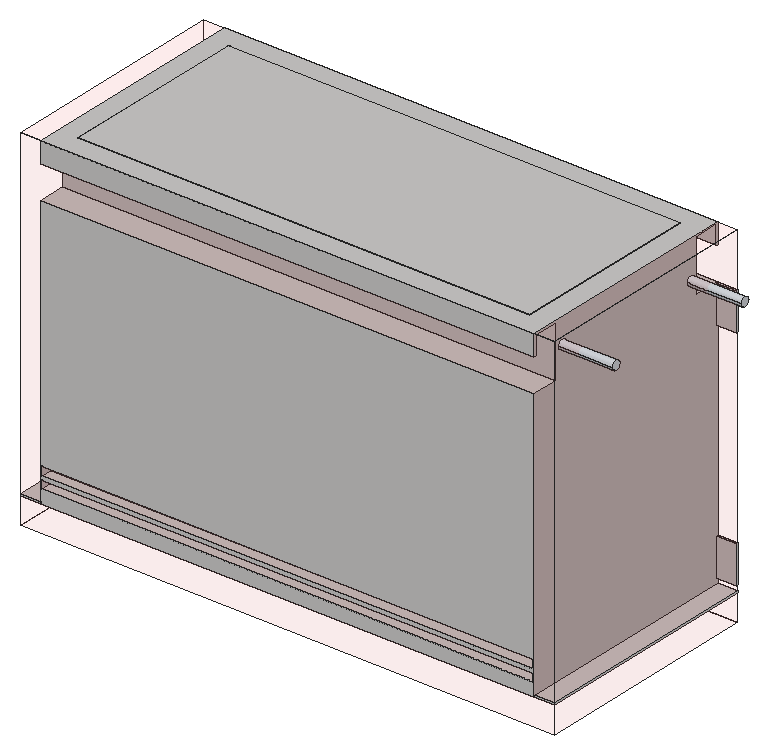
Revit family "Air-Curtain_Industrial_PoweredAire_HotWater", category Mechanical Equipment, host Face, Revit 2017
Family settings
  Host = Face
  Round Connector Dimension = Use Diameter
  Part Type = Normal
  OmniClass Number = 23.75.35.17.21
  OmniClass Title = Air Curtains
  Cut with Voids When Loaded = No
  Shared = No
  Room Calculation Point = No
Parameters
  upperrotation [instance] = if(Upper Pipe Connection Side A, 0.00°, 180.00°)  # 0.00°
  topbracket [instance] = and(Unit Height = 1' 4 3/4", Unit Depth = 1' 11 3/4")  # yes
  lowerrotation [instance] = if(Lower Pipe Connection Side A, 0.00°, 180.00°)  # 0.00°
  locateupperpipe [instance] = if(Upper Pipe Connection Side A, 0' 0", Nozzle Width)  # 0' - 0"
  locatelowerpipe [instance] = if(Lower Pipe Connection Side A, 0' 0", Nozzle Width)  # 0' - 0"
  Warranty Duration (Years) = 0
  Upper Pipe Connection Side A [instance] = yes
  Unit Width Notes = "Other Widths available."  # constant formula
  Unit Width = 3' - 3"
  Unit Weight = 0
  Unit Height = 1' - 4 3/4"
  Unit Depth = 1' - 11 3/4"
  URL = "http://www.poweredaire.com/"
  Test Data = ""
  Standards Conformance = "as Specified"
  Specification = "http://www.arcat.com/sdspecs/htm04/23_34_33pai.htm"
  SpecWizard = ""
  Sound Pressure = "as Specified"
  Sales Information = "http://www.poweredaire.com/contact_us"
  Revision = "R1_2016-08"
  Projection from Host [instance] = 0' - 2"
  Product Properties = ""
  Product Data = "http://www.arcat.com/arcatcos/cos47/arc47623.html"
  Power Rating = 0 W
  Piping_Water Flow [instance] = 0 GPM
  Piping_Operating Pressure [instance] = 0.00 psi
  Piping_Exit Temperature [instance] = 0 °F
  Piping_Entry Temperature [instance] = 0 °F
  Pipe OD [instance] = 5/8"
  Nozzle Width = if(1 = 1, Unit Width - 0' 3", 0' 0")  # 3' - 0"
  Mounting Width = if(1 = 1, Unit Width - 0' 1 1/2", 0' 0")  # 3' - 1 1/2"
  Mounting Height [instance] = 3' - 6"
  Motor RPM = 0
  Motor HP = 0
  Motor Count = 0
  Model = "As Specified"
  Max Height = 0' - 0"
  Manufacturer Website = "http://www.poweredaire.com/"
  Manufacturer Phone - Toll Free = "888-321-2473"
  Manufacturer Phone = "724-588-3305"
  Manufacturer Fax = "724-588-3371"
  Manufacturer Address = "109 Mortensen Rd.  Greenville, PA 16125"
  Manufacturer = "Powered Aire, Inc"
  Maintenance Schedule (Months) = 0
  Lower Pipe Connection Side A [instance] = yes
  Keynote = "23 34 33"
  Installation-Fabrication = ""
  Installation Phase = ""
  Include Clearance [instance] = yes
  Heating Element Load = 0 W
  HVAC_Temperature Rise = 0 °F
  HVAC_Outlet Volume = 0 CFM
  HVAC_Outlet Velocity Uniformity = 0
  HVAC_Outlet Velocity = 0 FPM
  HVAC_BTU Input = 0.0 Btu/h
  Green Building-LEED = "http://www.arcat.com/green/clients/leed_data_47623.html"
  Front Grating Material [instance] = Metal - Steel - PoweredAire - Stainless 304 Perforated
  Frame Finish [instance] = Metal - Steel - PoweredAire - Stainless 304
  Expected Lifespan (Years) = 0
  Electrical_Wattage [instance] = Power Rating + Heating Element Load  # 0 W
  Electrical_Voltage [instance] = 0 V
  Electrical_Phase [instance] = 1
  Electrical_Frequency [instance] = 0 Hz
  Electrical_Amperage [instance] = 0 A
  Drawn By = "Sumex Design, Inc. / Robert S. Weygant, CSI, CDT, SCIP"
  Description = "Powered Aire Air Curtain as Specified"
  Default Elevation = 0' - 0"  # constant formula
  Copyright = "©Arcat Inc."
  Construction Details = "http://www.arcat.com/details/powair/prod3336.html"
  Clearance_Top [instance] = 0' - 0"
  Clearance_Side B [instance] = 0' - 0"
  Clearance_Side A [instance] = 0' - 0"
  Clearance_Intake [instance] = 0' - 0"
  Clearance_Bottom [instance] = 0' - 0"
  Clearance Material [instance] = ARCAT Clearance
  Building Codes = ""
  Available Options [instance] = "as Specified"
  Assembly Code = "D3090400"
Reference planes (in)
  plane 1 "Center (Elevation)": y = 0.13818
  plane 2: z = 0
  plane 3 "Center (Left/Right)": x = 0
  plane 4: y = 8.51318
  plane 5: y = -8.23682
  plane 6: x = -19.5
  plane 7: x = 19.5
  plane 8: z = 25.75
  plane 9 "FF": y = -41.86182
  plane 10: z = 2
  plane 11: x = 18
  plane 12: x = -18
  plane 13: y = 8.51318
  plane 14: y = -8.23682
  plane 15: x = -19.5
  plane 16: x = 19.5
  plane 17: z = 25.75
  plane 18: x = 17.9375
  plane 19: x = -17.9375
  plane 20: x = 18
  plane 21: x = 18
  plane 22: y = 6.01318
  plane 23: y = -5.73682
Forms (in)
  Extrusion 1, solid, material "Metal - Steel - PoweredAire - Stainless 304" <- "Frame Finish"
    sketch origin (0, 0, 0) x (0, 1, 0) y (0, 0, 1)
      loop
        line (-8.23682, 2) -> (8.51318, 2) -> (8.51318, 21.8125) -> (6.51318, 21.8125) -> (6.51318, 25.625) -> (8.38818, 25.625) -> (8.38818, 24.25) -> (8.51318, 24.25) -> (8.51318, 25.75) -> (-8.23682, 25.75) -> (-8.23682, 24.25) -> (-8.11182, 24.25) -> (-8.11182, 25.625) -> (-6.23682, 25.625) -> (-6.23682, 21.8125) -> (-8.23682, 21.8125) -> (-8.23682, 2)
    from -18 to 18
  Extrusion 2, solid, material "ARCAT Clearance" <- "Clearance Material", visible <- "Include Clearance"
    sketch origin (0, 0, 0) x (0, 1, 0) y (0, 0, 1)
      loop
        line (-8.23682, 25.75) -> (-8.23682, 0) -> (8.51318, 0) -> (8.51318, 25.75) -> (-8.23682, 25.75)
    from -19.5 to 19.5
  Extrusion 3, solid, material "Metal - Steel - PoweredAire - Stainless 304" <- "Frame Finish"
    sketch origin (-15.17702, -180, 2) x (-1, 0, 0) y (0, -1, 0)
      loop
        line (-33.17702, -188.51318) -> (-33.17702, -171.76318) -> (-34.67702, -171.76318) -> (-34.67702, -188.51318) -> (-33.17702, -188.51318)
      loop
        line (2.82298, -188.51318) -> (4.32298, -188.51318) -> (4.32298, -171.76318) -> (2.82298, -171.76318) -> (2.82298, -188.51318)
    from 0 to 0.125
  Extrusion 4, solid, material "Metal - Steel - PoweredAire - Stainless 304" <- "Frame Finish", visible <- "topbracket"
    sketch origin (-11.83813, 8.51318, 48) x (-1, 0, 0) y (0, 0, 1)
      loop
        line (-29.83813, -45.5) -> (-29.83813, -42.75) -> (-31.33813, -42.75) -> (-31.33813, -45.5) -> (-29.83813, -45.5)
      loop
        line (-29.83813, -28.9375) -> (-29.83813, -26.1875) -> (-31.33813, -26.1875) -> (-31.33813, -28.9375) -> (-29.83813, -28.9375)
      loop
        line (6.16187, -45.5) -> (7.66187, -45.5) -> (7.66187, -42.75) -> (6.16187, -42.75) -> (6.16187, -45.5)
      loop
        line (6.16187, -28.9375) -> (7.66187, -28.9375) -> (7.66187, -26.1875) -> (6.16187, -26.1875) -> (6.16187, -28.9375)
    from 0 to -0.125
  Extrusion 5, void
    sketch origin (0, 0, 0) x (0, 1, 0) y (0, 0, 1)
      loop
        line (-8.23682, 3) -> (-7.23682, 3) -> (-7.23682, 4.5) -> (-8.23682, 4.5) -> (-8.23682, 3.82425) -> (-7.38364, 3.82425) -> (-7.38364, 3.57425) -> (-8.23682, 3.57425) -> (-8.23682, 3)
    from -17.9375 to 17.9375
  Extrusion 6, solid, material "Metal - Steel - PoweredAire - Stainless 304 Perforated" <- "Front Grating Material"
    sketch origin (0, -8.23682, 25.75) x (0, 1, 0) y (-1, 0, 0)
      loop
        line (15.25, 16.5) -> (1.5, 16.5) -> (1.5, -16.5) -> (15.25, -16.5) -> (15.25, 16.5)
    from 0 to 0.03125
  Sweep 7, solid
    path origin (18, 6.01318, 0) x (1, 0, 0) y (0, 1, 0)
      loop
        line (0, 0) -> (4, 0)
    profile origin (20, 6.01318, 0) x (0, 1, 0) y (0, 0, 1)
      loop
        circle (0, 23) r 0.3125
  Sweep 8, solid
    path origin (18, -5.73682, 0) x (1, 0, 0) y (0, 1, 0)
      loop
        line (0, 0) -> (4, 0)
    profile origin (20, -5.73682, 0) x (0, 1, 0) y (0, 0, 1)
      loop
        circle (0, 24) r 0.3125
Cuts and joins
  Extrusion 5 cuts Extrusion 1
Lines and regions (in)
  reference lines
    curve 1: line (18, 6.01318, 0) -> (22.75, 6.01318, 0)
    curve 2: line (18, -5.73682, 0) -> (23.75, -5.73682, 0)
Dimensions and locks (in)
  equal spacing: plane 4, plane 1 "Center (Elevation)", plane 5
  "Unit Height": plane 4 to plane 5
  equal spacing: plane 6, plane 3 "Center (Left/Right)", plane 7
  "Unit Width": plane 6 to plane 7
  "Mounting Height": plane 1 "Center (Elevation)" to plane 9 "FF"
  "Projection from Host": plane 10 to level
  "Unit Depth": plane 8 to plane 10
  locked: plane 6 to plane 12 at 1.5
  locked: plane 11 to plane 7 at 1.5
  "Clearance_Side A": plane 7 to plane 16
  "Clearance_Side B": plane 15 to plane 6
  "Clearance_Top": plane 13 to plane 4
  "Clearance_Bottom": plane 5 to plane 14
  "Clearance_Intake": plane 17 to plane 8
  plane 5 to Extrusion 1 sketch curve to Extrusion 1 sketch curve = 0' - 0 1/8" locked, 0' - 1 7/8" locked
  Extrusion 1 sketch curve to Extrusion 1 sketch curve to plane 4 = 0' - 1 7/8" locked, 0' - 0 1/8" locked
  Extrusion 4 sketch curve to Extrusion 4 sketch curve to Extrusion 4 sketch curve to Extrusion 4 sketch curve to plane 10 = 0' - 2 3/4" locked, 1' - 1 13/16" locked, 0' - 2 3/4" locked, 0' - 0 1/2" locked
  Extrusion 4 sketch curve to Extrusion 4 sketch curve to Extrusion 4 sketch curve to Extrusion 4 sketch curve = 0' - 2 3/4" locked, 1' - 1 13/16" locked, 0' - 2 3/4" locked
  locked: Extrusion 4 sketch curve to plane 10 at 0.5
  plane 8 to Extrusion 1 sketch curve to Extrusion 1 sketch curve = 0' - 0 1/8" locked, 0' - 1 3/8" locked  (x2)
  locked: Extrusion 1 sketch curve to plane 10 at 19.8125  (x2)
  Extrusion 5 sketch curve to Extrusion 5 sketch curve to Extrusion 5 sketch curve to Extrusion 5 sketch curve to plane 10 = 0' - 0.67575" locked, 0' - 0 1/4" locked, 0' - 0.57425" locked, 0' - 1" locked
  plane 5 to Extrusion 5 sketch curve to Extrusion 5 sketch curve = 0' - 0.85319" locked, 0' - 0.14681" locked
  locked: plane 19 to plane 12 at 0.0625
  locked: plane 11 to plane 18 at 0.0625
  locked: plane 4 to Extrusion 6 sketch curve at 1.5
  locked: Extrusion 6 sketch curve to plane 5 at 1.5
  locked: Extrusion 6 sketch curve to plane 11 at 1.5
  locked: plane 12 to Extrusion 6 sketch curve at 1.5
  "locateupperpipe": plane 20 to plane 11
  "locatelowerpipe": plane 21 to plane 11
  locked: plane 4 to plane 22 at 2.5
  locked: plane 23 to plane 5 at 2.5
  locked: curve 1 to Sweep 7 sketch curve at 4
  locked: curve 1 to Sweep 7 sketch curve
  locked: Sweep 7 sketch curve to plane 10 at 21
  locked: curve 2 to Sweep 8 sketch curve at 4
  locked: curve 2 to Sweep 8 sketch curve
  locked: Sweep 8 sketch curve to plane 10 at 22
  "upperrotation": angle plane 22 to curve 1
  "lowerrotation": angle plane 23 to curve 2
  aligned and locked: plane 2 to host face
  aligned and locked: level to host face
  aligned and locked: Extrusion 2 sketch curve to plane 17
  aligned and locked: plane 14 to Extrusion 2 sketch curve
  aligned and locked: level to Extrusion 2 sketch curve
  aligned and locked: Extrusion 2 sketch curve to plane 13
  aligned and locked: plane 16 to Extrusion 2
  aligned and locked: Extrusion 2 to plane 15
  aligned and locked: plane 11 to Extrusion 1
  aligned and locked: Extrusion 1 to plane 12
  aligned and locked: plane 21 to curve 2
  aligned and locked: plane 23 to curve 2
  aligned and locked: plane 22 to curve 1
  aligned and locked: plane 20 to curve 1
Automatic sketch dimensions
  host sketch curve to host sketch curve = 8' - 0"  (x2)
  Extrusion 1 sketch curve to plane 5 = 0' - 0"  (x2)
  Extrusion 1 sketch curve to plane 4 = 0' - 0"  (x2)
  Extrusion 1 sketch curve to plane 10 = 0' - 0"
  Extrusion 1 sketch curve to plane 8 = 0' - 0"
  plane 4 to Extrusion 3 sketch curve = 0' - 0"
  Extrusion 3 sketch curve to plane 7 = 0' - 0"
  plane 5 to Extrusion 3 sketch curve = 0' - 0"
  Extrusion 3 sketch curve to plane 11 = 0' - 0"
  Extrusion 3 sketch curve to plane 4 = 0' - 0"
  Extrusion 3 sketch curve to plane 12 = 0' - 0"
  Extrusion 3 sketch curve to plane 6 = 0' - 0"
  Extrusion 3 sketch curve to plane 5 = 0' - 0"
  Extrusion 4 sketch curve to plane 7 = 0' - 0"  (x2)
  Extrusion 4 sketch curve to plane 11 = 0' - 0"  (x2)
  Extrusion 4 sketch curve to plane 12 = 0' - 0"  (x2)
  Extrusion 4 sketch curve to plane 6 = 0' - 0"  (x2)
  Extrusion 5 sketch curve to plane 5 = 0' - 0"  (x2)
  Sweep 7 sketch curve to profile plane = 0' - 0"
  Sweep 8 sketch curve to profile plane = 0' - 0"
  radius of Sweep 7 sketch curve = 0' - 0 5/16"
  radius of Sweep 8 sketch curve = 0' - 0 5/16"
Connectors (in)
  piping at (22, 6.01318, 23), diameter 0.625, driven by "Pipe OD", driven by "Piping_Water Flow"
    settings: on Sweep 7, index 1, connector inside diameter 24", connector length 0' - 0", flow factor 0, pipe flow 0 GPM, pressure drop 0.00 psi, fitting loss kfactor 0, connector angle 0.00°, fixture units 0, engagement length 0' - 0", angle of deflection 0.00°, flow configuration 0, flow direction 0, fitting loss method 0, system type 29, joint type 0, gender type 0, connector reference index -1, connector utility 0, adjustable connector no, is connector primary yes, connector description "Define Supply or Return and Location"
  piping at (22, -5.73682, 24), diameter 0.625, driven by "Pipe OD", driven by "Piping_Water Flow"
    settings: on Sweep 8, index 2, connector inside diameter 24", connector length 0' - 0", flow factor 0, pipe flow 0 GPM, pressure drop 0.00 psi, fitting loss kfactor 0, connector angle 0.00°, fixture units 0, engagement length 0' - 0", angle of deflection 0.00°, flow configuration 0, flow direction 0, fitting loss method 0, system type 29, joint type 0, gender type 0, connector reference index -1, connector utility 0, adjustable connector no, is connector primary no, connector description "Define Supply or Return and Location"
  electrical at (-18, 0.13818, 21.39062), driven by "Electrical_Voltage", driven by "Electrical_Phase"
    settings: on cut or joined group of Extrusion 1, Extrusion 5, index 3, voltage 0 V, apparent load 0 VA, apparent load phase1 0 VA, apparent load phase2 0 VA, apparent load phase3 0 VA, power factor 1, load classification "Motor", number of poles 1, system type 31, power factor state 1, is connector primary yes, connector utility no, sub classification motor no, connector description ""
